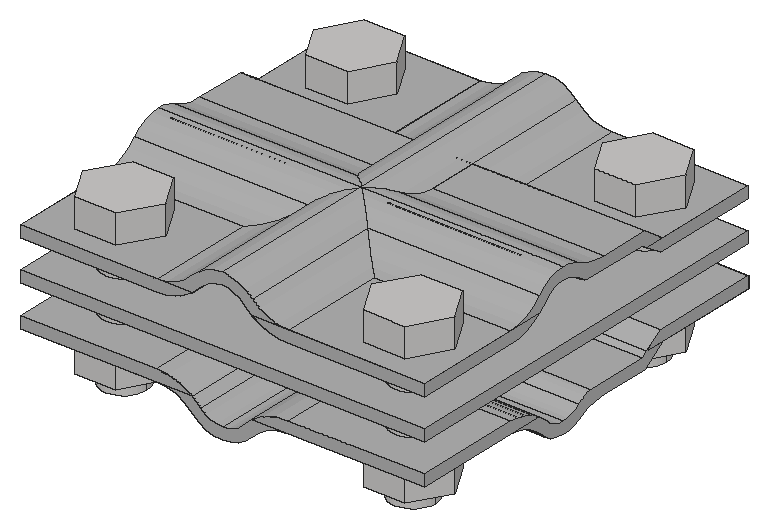
Revit family "DF_ЗажимЗаземлпения_Полоса_Полоса_90530-2_90540-2_EZETEK", category Соединительные детали воздуховодов, Revit 2017
Family settings
  Размер круглого соединителя = Использовать радиус
  Тип детали = Крестовина
  На основе рабочей плоскости = Нет
  Всегда вертикально = Да
  При загрузке вырезать с полостями = Нет
  Общий = Нет
Parameters (values of type "ЗажимЗаземлпения_Полоса-Пруток_Полоса-Пруток_Оцинкованный_90540-2")
  Угол = 90.00°  # constant formula
  Тип = FA_ЗажимЗаземлпения_Полоса-Пруток_Полоса-Пруток_90530-2_90540-2_EZETEK : ЗажимЗаземлпения_Полоса-Пруток_Полоса-Пруток_Оцинкованный_90540-2
  Описание = "Зажим выполнен из оцинкованной стали и используется для соединения прутка и полосы, прутка с прутком, полосы с полосой Т-образным либо параллельным способом. Зажим стягивается при помощи четырех шестигранных болтов с гайками с резьбой М8."
  Производитель_Контакты = "ezetek@ezetek.ru"  # constant formula
  built-in parameter 1114242 [instance] = 1 = 0  # (empty or 0)
  Изготовитель = "Ezetek"  # constant formula
  Группа модели = "Зажимы заземления"  # constant formula
  URL = "https://ezetek.ru/"
  R4 [instance] = 5 mm
  R3 [instance] = 5 mm
  R2 [instance] = 5 mm
  R1 [instance] = 5 mm
  Высота2 [instance] = 4 mm
  Ширина2 [instance] = 25 mm
  Ширина1 [instance] = 25 mm
  ADSK_Этаж [instance] = ""
  ADSK_Размер_Ширина [instance] = Ширина1  # 25 mm
  ADSK_Размер_Радиус [instance] = R1  # 5 mm
  ADSK_Размер_Высота [instance] = Высота1  # 4 mm
  ADSK_Примечание [instance] = "Неспецифицируемое"  # constant formula
  ADSK_Позиция [instance] = "Неспецифицируемое"  # constant formula
  ADSK_Обозначение = "Неспецифицируемое"  # constant formula
  ADSK_Наименование краткое [instance] = "Неспецифицируемое"  # constant formula
  ADSK_Наименование = "Неспецифицируемое"  # constant formula
  ADSK_Материал = BIMLIB_Сталь_Оцинкованная_EZETEK
  ADSK_Масса_Текст = "Неспецифицируемое"  # constant formula
  ADSK_Масса = 0  # constant formula
  ADSK_Марка = "Неспецифицируемое"  # constant formula
  ADSK_Количество = 0  # constant formula
  ADSK_Код изделия = "Неспецифицируемое"  # constant formula
  ADSK_Завод-изготовитель = "Неспецифицируемое"  # constant formula
  ADSK_Единица измерения = "Неспецифицируемое"  # constant formula
  ADSK_Группирование [instance] = ""
  ADSK_Версия Revit = "2017"  # constant formula
  Высота1 [instance] = 4 mm
Types (2, lengths in mm): name | Тип | Описание | ADSK_Материал
  ЗажимЗаземлпения_Полоса-Пруток_Полоса-Пруток_Оцинкованный_90540-2 | FA_ЗажимЗаземлпения_Полоса-Пруток_Полоса-Пруток_90530-2_90540-2_EZETEK : ЗажимЗаземлпения_Полоса-Пруток_Полоса-Пруток_Оцинкованный_90540-2 | "Зажим выполнен из оцинкованной стали и используется для соединения прутка и полосы, прутка с прутком, полосы с полосой Т-образным либо параллельным способом. Зажим стягивается при помощи четырех шестигранных болтов с гайками с резьбой М8." | BIMLIB_Сталь_Оцинкованная_EZETEK
  ЗажимЗаземлпения_Полоса-Пруток_Полоса-Пруток_Латунь_90530-2 | FA_ЗажимЗаземлпения_Полоса-Пруток_Полоса-Пруток_90530-2_90540-2_EZETEK : ЗажимЗаземлпения_Полоса-Пруток_Полоса-Пруток_Латунь_90530-2 | "Зажим выполнен из латуни и используется для соединения прутка и полосы, прутка с прутком, полосы с полосой Т-образным либо параллельным способом. Зажим стягивается при помощи четырех шестигранных болтов с гайками с резьбой М8 из нержавеющей стали. Наличие разделительной пластины позволяет соединять при помощи зажима коррозионно несовместимые металлы – медь и сталь." | BIMLIB_Латунь_EZETEK
Reference planes
  plane 1 "По центру (Вперед/Назад)": y = 0
  plane 2: z = 0
  plane 3 "По центру (Влево/Вправо)": x = 0
  plane 4 "Н_С": z = -5
  plane 5: x = -1
  plane 6: x = 1
  plane 7: y = 1
  plane 8: y = -1
  plane 9 "В_С": z = 5
  plane 10 "В_Л": z = 5
  plane 11 "Н_Л": z = -5
Lines and regions (mm)
  reference lines
    curve 1: line (-1, 0, 5) -> (1, 0, 5)
    curve 2: line (0, -1, 5) -> (0, 1, 5)
    curve 3: line (-1, 0, -5) -> (1, 0, -5)
    curve 4: line (0, -1, -5) -> (0, 1, -5)
Dimensions and locks
  locked: plane 5 to plane 3 "По центру (Влево/Вправо)" at 1
  locked: plane 3 "По центру (Влево/Вправо)" to plane 6 at 1
  locked: plane 1 "По центру (Вперед/Назад)" to plane 7 at 1
  locked: plane 1 "По центру (Вперед/Назад)" to plane 8 at 1
  locked: plane 2 to plane 9 "В_С" at 5
  locked: plane 11 "Н_Л" to plane 2 at 5
  locked: plane 10 "В_Л" to plane 2 at 5
  locked: plane 2 to plane 4 "Н_С" at 5
  aligned and locked: level to plane 2
Nested families
  nested 1: "FA_ЗажимЗаземлпения_Полоса-Пруток_Полоса-Пруток_90530-2_90540-2_EZETEK" at (0, 0, 0) x (-1, 0, 0) z (0, 0, 1), type <- "Тип", ADSK_Этаж <- "ADSK_Этаж", ADSK_Группирование <- "ADSK_Группирование", type "ЗажимЗаземлпения_Полоса-Пруток_Полоса-Пруток_Оцинкованный_90540-2", detail levels fine
    with ADSK_Этаж "", ADSK_Примечание "", ADSK_Позиция "", ADSK_Наименование краткое "Зажим заземления", ADSK_Группирование ""
Connectors
  hvac at (0, 1, -5), driven by "R2"
    settings: on curve 4, index 1, duct flow 0.0 L/s, flow factor 0, pres drop 0.0 Pa, loss coef 0, conn angle 0.00°, conn width 304.8 mm, conn height 5 mm, conn diameter 10 mm, duct sys type 1, conn prof type 0, flow config 0, flow direction 0, loss method 0, conn ref index 2, conn util no, is conn primary yes, conn desc ""
  hvac at (0, -1, -5), driven by "R2"
    settings: on curve 4, index 2, duct flow 0.0 L/s, flow factor 0, pres drop 0.0 Pa, loss coef 0, conn angle 0.00°, conn width 304.8 mm, conn height 5 mm, conn diameter 10 mm, duct sys type 1, conn prof type 0, flow config 0, flow direction 0, loss method 0, conn ref index 1, conn util no, is conn primary no, conn desc ""
  hvac at (0, -1, 5), driven by "R1"
    settings: on curve 2, index 3, duct flow 0.0 L/s, flow factor 0, pres drop 0.0 Pa, loss coef 0, conn angle 0.00°, conn width 304.8 mm, conn height 304.8 mm, conn diameter 10 mm, duct sys type 1, conn prof type 0, flow config 0, flow direction 0, loss method 0, conn ref index 4, conn util no, is conn primary no, conn desc ""
  hvac at (0, 1, 5), driven by "R1"
    settings: on curve 2, index 4, duct flow 0.0 L/s, flow factor 0, pres drop 0.0 Pa, loss coef 0, conn angle 0.00°, conn width 304.8 mm, conn height 304.8 mm, conn diameter 10 mm, duct sys type 1, conn prof type 0, flow config 0, flow direction 0, loss method 0, conn ref index 3, conn util no, is conn primary no, conn desc ""
  hvac at (1, 0, 5), driven by "Высота1", driven by "Ширина1"
    settings: on curve 1, index 5, duct flow 0.0 L/s, flow factor 0, pres drop 0.0 Pa, loss coef 0, conn angle 0.00°, conn width 25 mm, conn height 4 mm, conn diameter 609.6 mm, duct sys type 1, conn prof type 1, flow config 0, flow direction 0, loss method 0, conn ref index 6, conn util no, is conn primary no, conn desc ""
  hvac at (-1, 0, 5), driven by "Высота1", driven by "Ширина1"
    settings: on curve 1, index 6, duct flow 0.0 L/s, flow factor 0, pres drop 0.0 Pa, loss coef 0, conn angle 0.00°, conn width 25 mm, conn height 4 mm, conn diameter 609.6 mm, duct sys type 1, conn prof type 1, flow config 0, flow direction 0, loss method 0, conn ref index 5, conn util no, is conn primary no, conn desc ""
  hvac at (-1, 0, -5), driven by "Высота2", driven by "Ширина2"
    settings: on curve 3, index 7, duct flow 0.0 L/s, flow factor 0, pres drop 0.0 Pa, loss coef 0, conn angle 0.00°, conn width 25 mm, conn height 4 mm, conn diameter 609.6 mm, duct sys type 1, conn prof type 1, flow config 0, flow direction 0, loss method 0, conn ref index 8, conn util no, is conn primary no, conn desc ""
  hvac at (1, 0, -5), driven by "Высота2", driven by "Ширина2"
    settings: on curve 3, index 8, duct flow 0.0 L/s, flow factor 0, pres drop 0.0 Pa, loss coef 0, conn angle 0.00°, conn width 25 mm, conn height 4 mm, conn diameter 609.6 mm, duct sys type 1, conn prof type 1, flow config 0, flow direction 0, loss method 0, conn ref index 7, conn util no, is conn primary no, conn desc ""
Definition of nested family "FA_ЗажимЗаземлпения_Полоса-Пруток_Полоса-Пруток_90530-2_90540-2_EZETEK"
  Parameters (values of type "ЗажимЗаземлпения_Полоса-Пруток_Полоса-Пруток_Латунь_90530-2")
    Угол = 90.00°  # constant formula
    Производитель_Контакты = "ezetek@ezetek.ru"  # constant formula
    Description = "Зажим выполнен из латуни и используется для соединения прутка и полосы, прутка с прутком, полосы с полосой Т-образным либо параллельным способом. Зажим стягивается при помощи четырех шестигранных болтов с гайками с резьбой М8 из нержавеющей стали. Наличие разделительной пластины позволяет соединять при помощи зажима коррозионно несовместимые металлы – медь и сталь."
    Manufacturer = "Ezetek"  # constant formula
    Model = "Зажимы заземления"  # constant formula
    URL = "https://ezetek.ru/"
    ADSK_Этаж [instance] = ""
    ADSK_Примечание [instance] = ""
    ADSK_Позиция [instance] = ""
    ADSK_Обозначение = "90530-2"
    ADSK_Наименование краткое [instance] = "Зажим заземления"
    ADSK_Наименование = "Зажим заземления полоса/пруток — полоса/пруток крестообразный, латунь"
    ADSK_Материал = none
    ADSK_Масса_Текст = "0.317"
    ADSK_Масса = 0.317
    ADSK_Марка = "90530-2"
    ADSK_Количество = 1  # constant formula
    ADSK_Код изделия = "90530-2"
    ADSK_Завод-изготовитель = "Ezetek"  # constant formula
    ADSK_Единица измерения = "шт."  # constant formula
    ADSK_Группирование [instance] = ""
    ADSK_Версия Revit = "2017"  # constant formula
  Types (2, lengths in mm): name | Description | ADSK_Обозначение | ADSK_Наименование | ADSK_Масса_Текст | ADSK_Масса | ADSK_Марка | ADSK_Код изделия
    ЗажимЗаземлпения_Полоса-Пруток_Полоса-Пруток_Латунь_90530-2 | "Зажим выполнен из латуни и используется для соединения прутка и полосы, прутка с прутком, полосы с полосой Т-образным либо параллельным способом. Зажим стягивается при помощи четырех шестигранных болтов с гайками с резьбой М8 из нержавеющей стали. Наличие разделительной пластины позволяет соединять при помощи зажима коррозионно несовместимые металлы – медь и сталь." | "90530-2" | "Зажим заземления полоса/пруток — полоса/пруток крестообразный, латунь" | "0.317" | 0.317 | "90530-2" | "90530-2"
    ЗажимЗаземлпения_Полоса-Пруток_Полоса-Пруток_Оцинкованный_90540-2 | "Зажим выполнен из оцинкованной стали и используется для соединения прутка и полосы, прутка с прутком, полосы с полосой Т-образным либо параллельным способом. Зажим стягивается при помощи четырех шестигранных болтов с гайками с резьбой М8." | "90540-2" | "Зажим заземления полоса/пруток — полоса/пруток крестообразный, оцинк." | "0.31" | 0.31 | "90540-2" | "90540-2"
  Reference planes
    plane 1 "По центру (Вперед/Назад)": y = 0
    plane 2: z = 0
    plane 3 "По центру (Влево/Вправо)": x = 0
    plane 4: z = 1
    plane 5: z = -1
    plane 6: z = 8
    plane 7 "Up": z = 6
    plane 8: z = -6
    plane 9: z = -8
    plane 10: z = 13
    plane 11: z = -14.4
    plane 12: z = -17.11
    plane 13: z = 7
    plane 14: z = -7
    plane 15 "M": y = 0
    plane 16 "U": z = 9.5
    plane 17 "L": z = -9.5
    plane 18: z = -9.5
    plane 19: x = 0
    plane 20: x = -35
    plane 21: y = 35
    plane 22: y = -35
    plane 23: x = 35
  Forms (mm)
    Extrusion 1, solid, material <- "ADSK_Материал", detail levels fine
      sketch origin (0, 0, 0) x (1, 0, 0) y (0, 1, 0)
        loop
          line (-35, 35) -> (-35, -35) -> (35, -35) -> (35, 35) -> (-35, 35)
      from 1 to -1
    Blend 2, solid, material <- "ADSK_Материал", detail levels fine
      base sketch origin (0, 0, 0) x (1, 0, 0) y (0, 0, 1)
        loop
          line (-35, 8) -> (-35, 6) -> (-11.375, 6)
          arc (-11.375, 6) -> (-7.174, 6.882) -> (-3.684, 9.381) r 10.439
          arc (-3.684, 9.381) -> (-2.012, 10.577) -> (0, 11) r 5
          arc (0, 11) -> (2.012, 10.577) -> (3.684, 9.381) r 5
          arc (3.684, 9.381) -> (7.174, 6.882) -> (11.375, 6) r 10.439
          line (11.375, 6) -> (35, 6) -> (35, 8) -> (11.386, 8)
          arc (11.386, 8) -> (7.983, 8.714) -> (5.154, 10.737) r 8.465
          arc (5.154, 10.737) -> (2.814, 12.409) -> (0, 13) r 7
          arc (0, 13) -> (-2.814, 12.409) -> (-5.154, 10.737) r 7
          arc (-5.154, 10.737) -> (-7.983, 8.714) -> (-11.386, 8) r 8.465
          line (-11.386, 8) -> (-35, 8)
      top sketch origin (0, 0, 0) x (1, 0, 0) y (0, 0, 1)
        loop
          arc (0, 11) -> (2.012, 10.577) -> (3.684, 9.381) r 5
          arc (3.684, 9.381) -> (7.174, 6.882) -> (11.375, 6) r 10.439
          line (11.375, 6) -> (35, 6) -> (35, 8) -> (11.386, 8)
          arc (11.386, 8) -> (7.983, 8.714) -> (5.154, 10.737) r 8.465
          arc (5.154, 10.737) -> (2.814, 12.409) -> (0, 13) r 7
          arc (0, 13) -> (-2.814, 12.409) -> (-5.154, 10.737) r 7
          arc (-5.154, 10.737) -> (-7.983, 8.714) -> (-11.386, 8) r 8.465
          line (-11.386, 8) -> (-35, 8) -> (-35, 6) -> (-11.375, 6)
          arc (-11.375, 6) -> (-7.174, 6.882) -> (-3.684, 9.381) r 10.439
          arc (-3.684, 9.381) -> (-2.012, 10.577) -> (0, 11) r 5
      from 35 to -35
    Extrusion 3, solid, detail levels fine
      sketch origin (11, -25, 0) x (1, 0, 0) y (0, 1, 0)
        loop
          line (-39.603, 6.24) -> (-43.205, 0) -> (-39.603, -6.24) -> (-32.397, -6.24) -> (-28.795, 0) -> (-32.397, 6.24) -> (-39.603, 6.24)
      from 13 to 8
    Extrusion 4, solid, detail levels fine
      sketch origin (11, -25, 0) x (1, 0, 0) y (0, 1, 0)
        loop
          line (-39.603, 6.24) -> (-43.205, 0) -> (-39.603, -6.24) -> (-32.397, -6.24) -> (-28.795, 0) -> (-32.397, 6.24) -> (-39.603, 6.24)
      from -8 to -14.4
    Extrusion 5, solid, detail levels fine
      sketch origin (11, -25, 0) x (1, 0, 0) y (0, 1, 0)
        loop
          circle (-36, 0) r 3.9
      from 8 to -17.11
    Extrusion 6, solid, detail levels fine
      sketch origin (-11, -25, 0) x (-1, 0, 0) y (0, -1, 0)
        loop
          line (-39.603, -6.24) -> (-32.397, -6.24) -> (-28.795, 0) -> (-32.397, 6.24) -> (-39.603, 6.24) -> (-43.205, 0) -> (-39.603, -6.24)
      from 13 to 8
    Extrusion 7, solid, detail levels fine
      sketch origin (-11, -25, 0) x (-1, 0, 0) y (0, -1, 0)
        loop
          line (-39.603, -6.24) -> (-32.397, -6.24) -> (-28.795, 0) -> (-32.397, 6.24) -> (-39.603, 6.24) -> (-43.205, 0) -> (-39.603, -6.24)
      from -8 to -14.4
    Extrusion 8, solid, detail levels fine
      sketch origin (-11, -25, 0) x (-1, 0, 0) y (0, -1, 0)
        loop
          circle (-36, 0) r 3.9
      from 8 to -17.11
    Extrusion 9, solid, detail levels fine
      sketch origin (11, 25, 0) x (1, 0, 0) y (0, 1, 0)
        loop
          line (-39.603, -6.24) -> (-32.397, -6.24) -> (-28.795, 0) -> (-32.397, 6.24) -> (-39.603, 6.24) -> (-43.205, 0) -> (-39.603, -6.24)
      from 13 to 8
    Extrusion 10, solid, detail levels fine
      sketch origin (11, 25, 0) x (1, 0, 0) y (0, 1, 0)
        loop
          circle (-36, 0) r 3.9
      from 8 to -17.11
    Extrusion 11, solid, detail levels fine
      sketch origin (-11, 25, 0) x (-1, 0, 0) y (0, -1, 0)
        loop
          line (-39.603, 6.24) -> (-43.205, 0) -> (-39.603, -6.24) -> (-32.397, -6.24) -> (-28.795, 0) -> (-32.397, 6.24) -> (-39.603, 6.24)
      from 13 to 8
    Extrusion 12, solid, detail levels fine
      sketch origin (-11, 25, 0) x (-1, 0, 0) y (0, -1, 0)
        loop
          circle (-36, 0) r 3.9
      from 8 to -17.11
    Blend 13, solid, material <- "ADSK_Материал", detail levels fine
      base sketch origin (0, 0, 0) x (1, 0, 0) y (0, 0, 1)
        loop
          line (-35, -8) -> (-11.386, -8)
          arc (-11.386, -8) -> (-7.983, -8.714) -> (-5.154, -10.737) r 8.465
          arc (-5.154, -10.737) -> (-2.814, -12.409) -> (0, -13) r 7
          arc (0, -13) -> (2.814, -12.409) -> (5.154, -10.737) r 7
          arc (5.154, -10.737) -> (7.983, -8.714) -> (11.386, -8) r 8.465
          line (11.386, -8) -> (35, -8) -> (35, -6) -> (11.375, -6)
          arc (11.375, -6) -> (7.174, -6.882) -> (3.684, -9.381) r 10.439
          arc (3.684, -9.381) -> (2.012, -10.577) -> (0, -11) r 5
          arc (0, -11) -> (-2.012, -10.577) -> (-3.684, -9.381) r 5
          arc (-3.684, -9.381) -> (-7.174, -6.882) -> (-11.375, -6) r 10.439
          line (-11.375, -6) -> (-35, -6) -> (-35, -8)
      top sketch origin (0, 0, 0) x (1, 0, 0) y (0, 0, 1)
        loop
          arc (0, -11) -> (-2.012, -10.577) -> (-3.684, -9.381) r 5
          arc (-3.684, -9.381) -> (-7.174, -6.882) -> (-11.375, -6) r 10.439
          line (-11.375, -6) -> (-35, -6) -> (-35, -8) -> (-11.386, -8)
          arc (-11.386, -8) -> (-7.983, -8.714) -> (-5.154, -10.737) r 8.465
          arc (-5.154, -10.737) -> (-2.814, -12.409) -> (0, -13) r 7
          arc (0, -13) -> (2.814, -12.409) -> (5.154, -10.737) r 7
          arc (5.154, -10.737) -> (7.983, -8.714) -> (11.386, -8) r 8.465
          line (11.386, -8) -> (35, -8) -> (35, -6) -> (11.375, -6)
          arc (11.375, -6) -> (7.174, -6.882) -> (3.684, -9.381) r 10.439
          arc (3.684, -9.381) -> (2.012, -10.577) -> (0, -11) r 5
      from 35 to -35
    Extrusion 14, solid, detail levels fine
      sketch origin (11, 25, 0) x (1, 0, 0) y (0, 1, 0)
        loop
          line (-39.603, -6.24) -> (-32.397, -6.24) -> (-28.795, 0) -> (-32.397, 6.24) -> (-39.603, 6.24) -> (-43.205, 0) -> (-39.603, -6.24)
      from -8 to -14.4
    Extrusion 15, solid, detail levels fine
      sketch origin (-11, 25, 0) x (-1, 0, 0) y (0, -1, 0)
        loop
          line (-39.603, 6.24) -> (-43.205, 0) -> (-39.603, -6.24) -> (-32.397, -6.24) -> (-28.795, 0) -> (-32.397, 6.24) -> (-39.603, 6.24)
      from -8 to -14.4
    Blend 16, solid, material <- "ADSK_Материал", detail levels fine
      base sketch origin (0, 0, 0) x (0, -1, 0) y (0, 0, 1)
        loop
          line (-35, 8) -> (-35, 6) -> (-16.375, 6)
          arc (-16.375, 6) -> (-12.174, 6.882) -> (-8.684, 9.381) r 10.439
          arc (-8.684, 9.381) -> (-7.012, 10.577) -> (-5, 11) r 5
          arc (-5, 11) -> (-3.233, 10.677) -> (-1.694, 9.751) r 5
          arc (-1.694, 9.751) -> (-0.444, 8.999) -> (0.991, 8.737) r 4.061
          line (0.991, 8.737) -> (12.091, 8.737) -> (16, 6) -> (35, 6) -> (35, 8) -> (16.578, 8) -> (12.669, 10.737) -> (3.941, 10.737)
          arc (3.941, 10.737) -> (1.047, 11.097) -> (-1.67, 12.157) r 11.792
          arc (-1.67, 12.157) -> (-3.282, 12.786) -> (-5, 13) r 7
          arc (-5, 13) -> (-7.814, 12.409) -> (-10.154, 10.737) r 7
          arc (-10.154, 10.737) -> (-12.983, 8.714) -> (-16.386, 8) r 8.465
          line (-16.386, 8) -> (-35, 8)
      top sketch origin (0, 0, 0) x (0, -1, 0) y (0, 0, 1)
        loop
          arc (-10.154, 10.737) -> (-12.983, 8.714) -> (-16.386, 8) r 8.465
          line (-16.386, 8) -> (-35, 8) -> (-35, 6) -> (-16.375, 6)
          arc (-16.375, 6) -> (-12.174, 6.882) -> (-8.684, 9.381) r 10.439
          arc (-8.684, 9.381) -> (-7.012, 10.577) -> (-5, 11) r 5
          arc (-5, 11) -> (-3.233, 10.677) -> (-1.694, 9.751) r 5
          arc (-1.694, 9.751) -> (-0.444, 8.999) -> (0.991, 8.737) r 4.061
          line (0.991, 8.737) -> (12.091, 8.737) -> (16, 6) -> (35, 6) -> (35, 8) -> (16.578, 8) -> (12.669, 10.737) -> (3.941, 10.737)
          arc (3.941, 10.737) -> (1.047, 11.097) -> (-1.67, 12.157) r 11.792
          arc (-1.67, 12.157) -> (-3.282, 12.786) -> (-5, 13) r 7
          arc (-5, 13) -> (-7.814, 12.409) -> (-10.154, 10.737) r 7
      from 35 to -35
    Blend 17, solid, material <- "ADSK_Материал", detail levels fine
      base sketch origin (0, 0, 0) x (1, 0, 0) y (0, 0, 1)
        loop
          line (-35, -8) -> (-11.386, -8)
          arc (-11.386, -8) -> (-7.983, -8.714) -> (-5.154, -10.737) r 8.465
          arc (-5.154, -10.737) -> (-2.814, -12.409) -> (0, -13) r 7
          arc (0, -13) -> (2.814, -12.409) -> (5.154, -10.737) r 7
          arc (5.154, -10.737) -> (7.983, -8.714) -> (11.386, -8) r 8.465
          line (11.386, -8) -> (35, -8) -> (35, -6) -> (11.375, -6)
          arc (11.375, -6) -> (7.174, -6.882) -> (3.684, -9.381) r 10.439
          arc (3.684, -9.381) -> (2.012, -10.577) -> (0, -11) r 5
          arc (0, -11) -> (-2.012, -10.577) -> (-3.684, -9.381) r 5
          arc (-3.684, -9.381) -> (-7.174, -6.882) -> (-11.375, -6) r 10.439
          line (-11.375, -6) -> (-35, -6) -> (-35, -8)
      top sketch origin (0, 0, 0) x (1, 0, 0) y (0, 0, 1)
        loop
          arc (0, -11) -> (-2.012, -10.577) -> (-3.684, -9.381) r 5
          arc (-3.684, -9.381) -> (-7.174, -6.882) -> (-11.375, -6) r 10.439
          line (-11.375, -6) -> (-35, -6) -> (-35, -8) -> (-11.386, -8)
          arc (-11.386, -8) -> (-7.983, -8.714) -> (-5.154, -10.737) r 8.465
          arc (-5.154, -10.737) -> (-2.814, -12.409) -> (0, -13) r 7
          arc (0, -13) -> (2.814, -12.409) -> (5.154, -10.737) r 7
          arc (5.154, -10.737) -> (7.983, -8.714) -> (11.386, -8) r 8.465
          line (11.386, -8) -> (35, -8) -> (35, -6) -> (11.375, -6)
          arc (11.375, -6) -> (7.174, -6.882) -> (3.684, -9.381) r 10.439
          arc (3.684, -9.381) -> (2.012, -10.577) -> (0, -11) r 5
      from 35 to -35
    Blend 18, solid, material <- "ADSK_Материал", detail levels fine
      base sketch origin (0, 0, 0) x (0, -1, 0) y (0, 0, 1)
        loop
          line (-35, -8) -> (-16.386, -8)
          arc (-16.386, -8) -> (-12.983, -8.714) -> (-10.154, -10.737) r 8.465
          arc (-10.154, -10.737) -> (-7.814, -12.409) -> (-5, -13) r 7
          arc (-5, -13) -> (-3.282, -12.786) -> (-1.67, -12.157) r 7
          arc (-1.67, -12.157) -> (1.047, -11.097) -> (3.941, -10.737) r 11.792
          line (3.941, -10.737) -> (12.669, -10.737) -> (16.578, -8) -> (35, -8) -> (35, -6) -> (16, -6) -> (12.091, -8.737) -> (0.991, -8.737)
          arc (0.991, -8.737) -> (-0.444, -8.999) -> (-1.694, -9.751) r 4.061
          arc (-1.694, -9.751) -> (-3.233, -10.677) -> (-5, -11) r 5
          arc (-5, -11) -> (-7.012, -10.577) -> (-8.684, -9.381) r 5
          arc (-8.684, -9.381) -> (-12.174, -6.882) -> (-16.375, -6) r 10.439
          line (-16.375, -6) -> (-35, -6) -> (-35, -8)
      top sketch origin (0, 0, 0) x (0, -1, 0) y (0, 0, 1)
        loop
          arc (-10.154, -10.737) -> (-7.814, -12.409) -> (-5, -13) r 7
          arc (-5, -13) -> (-3.282, -12.786) -> (-1.67, -12.157) r 7
          arc (-1.67, -12.157) -> (1.047, -11.097) -> (3.941, -10.737) r 11.792
          line (3.941, -10.737) -> (12.669, -10.737) -> (16.578, -8) -> (35, -8) -> (35, -6) -> (16, -6) -> (12.091, -8.737) -> (0.991, -8.737)
          arc (0.991, -8.737) -> (-0.444, -8.999) -> (-1.694, -9.751) r 4.061
          arc (-1.694, -9.751) -> (-3.233, -10.677) -> (-5, -11) r 5
          arc (-5, -11) -> (-7.012, -10.577) -> (-8.684, -9.381) r 5
          arc (-8.684, -9.381) -> (-12.174, -6.882) -> (-16.375, -6) r 10.439
          line (-16.375, -6) -> (-35, -6) -> (-35, -8) -> (-16.386, -8)
          arc (-16.386, -8) -> (-12.983, -8.714) -> (-10.154, -10.737) r 8.465
      from 35 to -35
    Extrusion 19, void
      sketch origin (0, 0, 0) x (1, 0, 0) y (0, 0, 1)
        loop
          arc (0, 11) -> (-2.012, 10.577) -> (-3.684, 9.381) r 5
          arc (-3.684, 9.381) -> (-7.174, 6.882) -> (-11.375, 6) r 10.439
          line (-11.375, 6) -> (11.375, 6)
          arc (11.375, 6) -> (7.174, 6.882) -> (3.684, 9.381) r 10.439
          arc (3.684, 9.381) -> (2.012, 10.577) -> (0, 11) r 5
      from -2.664 to -35
    Extrusion 20, void
      sketch origin (0, 0, 0) x (1, 0, 0) y (0, 0, 1)
        loop
          arc (-11.375, -6) -> (-7.174, -6.882) -> (-3.684, -9.381) r 10.439
          arc (-3.684, -9.381) -> (-2.012, -10.577) -> (0, -11) r 5
          arc (0, -11) -> (2.012, -10.577) -> (3.684, -9.381) r 5
          arc (3.684, -9.381) -> (7.174, -6.882) -> (11.375, -6) r 10.439
          line (11.375, -6) -> (-11.375, -6)
      from 0 to -35
    Extrusion 21, void
      sketch origin (0, 0, 0) x (1, 0, 0) y (0, 0, -1)
        loop
          arc (0, -11) -> (2.012, -10.577) -> (3.684, -9.381) r 5
          arc (3.684, -9.381) -> (7.174, -6.882) -> (11.375, -6) r 10.439
          line (11.375, -6) -> (-11.375, -6)
          arc (-11.375, -6) -> (-7.174, -6.882) -> (-3.684, -9.381) r 10.439
          arc (-3.684, -9.381) -> (-2.012, -10.577) -> (0, -11) r 5
      from 2.664 to -35
    Extrusion 22, void
      sketch origin (0, 0, 0) x (1, 0, 0) y (0, 0, -1)
        loop
          line (-11.375, 6) -> (11.375, 6)
          arc (11.375, 6) -> (7.174, 6.882) -> (3.684, 9.381) r 10.439
          arc (3.684, 9.381) -> (2.012, 10.577) -> (0, 11) r 5
          arc (0, 11) -> (-2.012, 10.577) -> (-3.684, 9.381) r 5
          arc (-3.684, 9.381) -> (-7.174, 6.882) -> (-11.375, 6) r 10.439
      from 0 to -35
    Extrusion 23, void
      sketch origin (0, 0, 0) x (0, 1, 0) y (0, 0, 1)
        loop
          line (10.23, 8) -> (-13.144, 8) -> (-16, 6) -> (16.375, 6)
          arc (16.375, 6) -> (13.144, 6.513) -> (10.23, 8) r 10.439
      from 35 to -35
    Extrusion 24, void
      sketch origin (0, 0, 0) x (0, 1, 0) y (0, 0, 1)
        loop
          line (16.375, -6) -> (-16, -6) -> (-13.144, -8) -> (10.23, -8)
          arc (10.23, -8) -> (13.144, -6.513) -> (16.375, -6) r 10.439
      from 35 to -35
  Cuts and joins
    Extrusion 19, Extrusion 21, Extrusion 23 cuts Blend 16
    Extrusion 20, Extrusion 22, Extrusion 24 cuts Blend 17
    Extrusion 20, Extrusion 22, Extrusion 24 cuts Blend 13
    Extrusion 19, Extrusion 21, Extrusion 23 cuts Blend 2
    Extrusion 20, Extrusion 22, Extrusion 24 cuts Blend 18
  Dimensions and locks
    locked: plane 2 to plane 5 at 1
    locked: plane 4 to plane 2 at 1
    plane 4 to plane 5 = 2 mm
    locked: plane 6 to plane 7 "Up" at 2
    locked: plane 8 to plane 9 at 2
    locked: plane 10 to plane 6 at 5
    locked: plane 7 "Up" to plane 4 at 5
    locked: plane 5 to plane 8 at 5
    locked: plane 9 to plane 11 at 6.4
    locked: plane 11 to plane 12 at 2.71
    equal spacing: plane 6, plane 13, plane 7 "Up"
    equal spacing: plane 8, plane 14, plane 9
    plane 20 to plane 3 "По центру (Влево/Вправо)" = 35 mm
    locked: plane 15 "M" to plane 21 at 35
    locked: plane 1 "По центру (Вперед/Назад)" to plane 22 at 35
    plane 23 to plane 3 "По центру (Влево/Вправо)" = 35 mm
    aligned and locked: level to plane 2
    aligned and locked: Extrusion 1 sketch curve to plane 20
    aligned and locked: plane 21 to Blend 2
    aligned and locked: plane 22 to Blend 2
    aligned and locked: plane 21 to Extrusion 1
    aligned and locked: plane 22 to Extrusion 1
    aligned and locked: Extrusion 1 to Extrusion 20
    aligned and locked: Extrusion 22 to Extrusion 1
    aligned and locked: Extrusion 1 to Extrusion 23  (x2)
  Automatic sketch dimensions
    plane 22 to Extrusion 1 sketch curve = 0 mm
    Extrusion 1 sketch curve to plane 23 = 0 mm
    Extrusion 1 sketch curve to plane 21 = 0 mm
    Blend 2 sketch curve to Blend 2 sketch curve = 0 mm  (x26)
    Blend 2 sketch curve to plane 7 "Up" = 0 mm  (x6)
    plane 20 to Blend 2 sketch curve = 0 mm  (x2)
    Blend 2 sketch curve to plane 6 = 0 mm  (x4)
    Blend 2 sketch curve to plane 3 "По центру (Влево/Вправо)" = 0 mm  (x2)
    Blend 2 sketch curve to plane 23 = 0 mm  (x2)
    Blend 2 sketch curve to plane 10 = 0 mm  (x2)
    Blend 2 sketch curve to plane 3 "По центру (Влево/Вправо)" = 11.386 mm  (x2)
    Blend 2 sketch curve to Blend 2 sketch curve = 0.011 mm  (x4)
    plane 10 to Blend 2 sketch curve = 3.439 mm  (x4)
    plane 3 "По центру (Влево/Вправо)" to Blend 2 sketch curve = 11.375 mm  (x2)
    Blend 2 sketch curve to Blend 2 sketch curve = 0.026 mm  (x4)
    Extrusion 3 sketch curve to plane 20 = 2.795 mm
    Extrusion 3 sketch curve to plane 20 = 6.397 mm  (x2)
    Extrusion 3 sketch curve to plane 22 = 3.76 mm
    Extrusion 3 sketch curve to Extrusion 3 sketch curve = 7.205 mm  (x2)
    Extrusion 3 sketch curve to Extrusion 3 sketch curve = 3.603 mm
    Extrusion 3 sketch curve to Extrusion 3 sketch curve = 6.24 mm  (x3)
    Extrusion 4 sketch curve to plane 20 = 2.795 mm
    Extrusion 4 sketch curve to plane 20 = 6.397 mm  (x2)
    Extrusion 4 sketch curve to plane 22 = 3.76 mm
    Extrusion 4 sketch curve to Extrusion 4 sketch curve = 7.205 mm  (x2)
    Extrusion 4 sketch curve to Extrusion 4 sketch curve = 3.603 mm
    Extrusion 4 sketch curve to Extrusion 4 sketch curve = 6.24 mm  (x3)
    Extrusion 5 sketch curve to plane 20 = 10 mm
    Extrusion 5 sketch curve to plane 22 = 10 mm
    plane 23 to Extrusion 6 sketch curve = 2.795 mm
    plane 23 to Extrusion 6 sketch curve = 6.397 mm  (x2)
    plane 22 to Extrusion 6 sketch curve = 3.76 mm
    Extrusion 6 sketch curve to Extrusion 6 sketch curve = 7.205 mm  (x2)
    Extrusion 6 sketch curve to Extrusion 6 sketch curve = 3.603 mm
    Extrusion 6 sketch curve to Extrusion 6 sketch curve = 6.24 mm  (x3)
    plane 23 to Extrusion 7 sketch curve = 2.795 mm
    plane 23 to Extrusion 7 sketch curve = 6.397 mm  (x2)
    plane 22 to Extrusion 7 sketch curve = 3.76 mm
    Extrusion 7 sketch curve to Extrusion 7 sketch curve = 7.205 mm  (x2)
    Extrusion 7 sketch curve to Extrusion 7 sketch curve = 3.603 mm
    Extrusion 7 sketch curve to Extrusion 7 sketch curve = 6.24 mm  (x3)
    plane 23 to Extrusion 8 sketch curve = 10 mm
    plane 22 to Extrusion 8 sketch curve = 10 mm
    plane 20 to Extrusion 9 sketch curve = 2.795 mm
    plane 20 to Extrusion 9 sketch curve = 6.397 mm  (x2)
    plane 21 to Extrusion 9 sketch curve = 3.76 mm
    Extrusion 9 sketch curve to Extrusion 9 sketch curve = 7.205 mm  (x2)
    Extrusion 9 sketch curve to Extrusion 9 sketch curve = 3.603 mm
    Extrusion 9 sketch curve to Extrusion 9 sketch curve = 6.24 mm  (x3)
    plane 20 to Extrusion 10 sketch curve = 10 mm
    plane 21 to Extrusion 10 sketch curve = 10 mm
    Extrusion 11 sketch curve to plane 23 = 2.795 mm
    Extrusion 11 sketch curve to plane 23 = 6.397 mm  (x2)
    Extrusion 11 sketch curve to plane 21 = 3.76 mm
    Extrusion 11 sketch curve to Extrusion 11 sketch curve = 7.205 mm  (x2)
    Extrusion 11 sketch curve to Extrusion 11 sketch curve = 3.603 mm
    Extrusion 11 sketch curve to Extrusion 11 sketch curve = 6.24 mm  (x3)
    Extrusion 12 sketch curve to plane 23 = 10 mm
    Extrusion 12 sketch curve to plane 21 = 10 mm
    Blend 13 sketch curve to Blend 13 sketch curve = 0 mm  (x28)
    Blend 13 sketch curve to plane 8 = 0 mm  (x6)
    plane 20 to Blend 13 sketch curve = 0 mm  (x2)
    Blend 13 sketch curve to plane 9 = 0 mm  (x4)
    Blend 13 sketch curve to plane 3 "По центру (Влево/Вправо)" = 0 mm  (x2)
    Blend 13 sketch curve to plane 23 = 0 mm  (x2)
    Blend 13 sketch curve to plane 3 "По центру (Влево/Вправо)" = 11.386 mm  (x2)
    Blend 13 sketch curve to Blend 13 sketch curve = 0.011 mm  (x4)
    plane 12 to Blend 13 sketch curve = 0.671 mm  (x4)
    plane 3 "По центру (Влево/Вправо)" to Blend 13 sketch curve = 11.375 mm  (x2)
    Blend 13 sketch curve to Blend 13 sketch curve = 0.026 mm  (x4)
    plane 20 to Extrusion 14 sketch curve = 2.795 mm
    plane 20 to Extrusion 14 sketch curve = 6.397 mm  (x2)
    plane 21 to Extrusion 14 sketch curve = 3.76 mm
    Extrusion 14 sketch curve to Extrusion 14 sketch curve = 7.205 mm  (x2)
    Extrusion 14 sketch curve to Extrusion 14 sketch curve = 3.603 mm
    Extrusion 14 sketch curve to Extrusion 14 sketch curve = 6.24 mm  (x3)
    Extrusion 15 sketch curve to plane 23 = 2.795 mm
    Extrusion 15 sketch curve to plane 23 = 6.397 mm  (x2)
    Extrusion 15 sketch curve to plane 21 = 3.76 mm
    Extrusion 15 sketch curve to Extrusion 15 sketch curve = 7.205 mm  (x2)
    Extrusion 15 sketch curve to Extrusion 15 sketch curve = 3.603 mm
    Extrusion 15 sketch curve to Extrusion 15 sketch curve = 6.24 mm  (x3)
    Blend 16 sketch curve to Blend 16 sketch curve = 0 mm  (x26)
    Blend 16 sketch curve to plane 7 "Up" = 0 mm  (x6)
    Blend 16 sketch curve to plane 21 = 0 mm  (x2)
    Blend 16 sketch curve to plane 6 = 0 mm  (x4)
    Blend 16 sketch curve to plane 10 = 0 mm  (x2)
    Blend 16 sketch curve to plane 22 = 0 mm  (x2)
    plane 10 to Blend 16 sketch curve = 3.465 mm
    Blend 16 sketch curve to plane 1 "По центру (Вперед/Назад)" = 16.386 mm  (x2)
    Blend 16 sketch curve to Blend 16 sketch curve = 0.011 mm  (x2)
    Blend 16 sketch curve to plane 1 "По центру (Вперед/Назад)" = 5 mm  (x2)
    plane 1 "По центру (Вперед/Назад)" to Blend 16 sketch curve = 0.991 mm  (x2)
    plane 16 "U" to Blend 16 sketch curve = 1.237 mm  (x2)
    Blend 16 sketch curve to Blend 16 sketch curve = 2.95 mm  (x2)
    plane 6 to Blend 16 sketch curve = 0.737 mm  (x2)
    Blend 16 sketch curve to Blend 16 sketch curve = 8.151 mm  (x2)
    Blend 16 sketch curve to Blend 16 sketch curve = 0.578 mm  (x4)
    Blend 16 sketch curve to Blend 16 sketch curve = 3.909 mm  (x2)
    Blend 16 sketch curve to plane 10 = 0.202 mm  (x2)
    Blend 16 sketch curve to Blend 16 sketch curve = 0.026 mm  (x2)
    plane 10 to Blend 16 sketch curve = 9.529 mm  (x2)
    plane 10 to Blend 16 sketch curve = 3.439 mm
    Blend 17 sketch curve to Blend 17 sketch curve = 0 mm  (x28)
    Blend 17 sketch curve to plane 8 = 0 mm  (x6)
    plane 20 to Blend 17 sketch curve = 0 mm  (x2)
    Blend 17 sketch curve to plane 9 = 0 mm  (x4)
    Blend 17 sketch curve to plane 3 "По центру (Влево/Вправо)" = 0 mm  (x2)
    Blend 17 sketch curve to plane 23 = 0 mm  (x2)
    Blend 17 sketch curve to plane 3 "По центру (Влево/Вправо)" = 11.386 mm  (x2)
    Blend 17 sketch curve to Blend 17 sketch curve = 0.011 mm  (x4)
    plane 12 to Blend 17 sketch curve = 0.671 mm  (x4)
    plane 3 "По центру (Влево/Вправо)" to Blend 17 sketch curve = 11.375 mm  (x2)
    Blend 17 sketch curve to Blend 17 sketch curve = 0.026 mm  (x4)
    Blend 18 sketch curve to Blend 18 sketch curve = 0 mm  (x28)
    Blend 18 sketch curve to plane 8 = 0 mm  (x6)
    Blend 18 sketch curve to plane 21 = 0 mm  (x2)
    Blend 18 sketch curve to plane 9 = 0 mm  (x4)
    Blend 18 sketch curve to plane 22 = 0 mm  (x2)
    plane 12 to Blend 18 sketch curve = 0.645 mm
    Blend 18 sketch curve to plane 1 "По центру (Вперед/Назад)" = 16.386 mm  (x2)
    Blend 18 sketch curve to Blend 18 sketch curve = 0.011 mm  (x2)
    Blend 18 sketch curve to plane 1 "По центру (Вперед/Назад)" = 5 mm  (x2)
    plane 1 "По центру (Вперед/Назад)" to Blend 18 sketch curve = 0.991 mm  (x2)
    Blend 18 sketch curve to plane 17 "L" = 1.237 mm  (x2)
    Blend 18 sketch curve to Blend 18 sketch curve = 2.95 mm  (x2)
    Blend 18 sketch curve to plane 9 = 0.737 mm  (x2)
    Blend 18 sketch curve to Blend 18 sketch curve = 8.151 mm  (x2)
    Blend 18 sketch curve to Blend 18 sketch curve = 0.578 mm  (x4)
    Blend 18 sketch curve to Blend 18 sketch curve = 3.909 mm  (x2)
    Blend 18 sketch curve to plane 12 = 5.419 mm  (x2)
    Blend 18 sketch curve to Blend 18 sketch curve = 0.026 mm  (x2)
    plane 11 to Blend 18 sketch curve = 1.602 mm  (x2)
    plane 12 to Blend 18 sketch curve = 0.671 mm
    Extrusion 19 sketch curve to Extrusion 19 sketch curve = 0 mm  (x3)
    Extrusion 19 sketch curve to plane 7 "Up" = 0 mm  (x2)
    Extrusion 19 sketch curve to plane 3 "По центру (Влево/Вправо)" = 0 mm
    Extrusion 19 sketch curve to plane 3 "По центру (Влево/Вправо)" = 11.375 mm
    plane 3 "По центру (Влево/Вправо)" to Extrusion 19 sketch curve = 11.375 mm
    plane 10 to Extrusion 19 sketch curve = 3.439 mm  (x2)
    Extrusion 20 sketch curve to Extrusion 20 sketch curve = 0 mm  (x3)
    Extrusion 20 sketch curve to plane 8 = 0 mm  (x2)
    Extrusion 20 sketch curve to plane 3 "По центру (Влево/Вправо)" = 0 mm
    Extrusion 20 sketch curve to Extrusion 20 sketch curve = 11.375 mm
    plane 12 to Extrusion 20 sketch curve = 0.671 mm  (x2)
    plane 3 "По центру (Влево/Вправо)" to Extrusion 20 sketch curve = 11.375 mm
    Extrusion 21 sketch curve to Extrusion 21 sketch curve = 0 mm  (x3)
    Extrusion 21 sketch curve to plane 7 "Up" = 0 mm  (x2)
    Extrusion 21 sketch curve to plane 3 "По центру (Влево/Вправо)" = 0 mm
    Extrusion 21 sketch curve to plane 3 "По центру (Влево/Вправо)" = 11.375 mm
    plane 3 "По центру (Влево/Вправо)" to Extrusion 21 sketch curve = 11.375 mm
    plane 10 to Extrusion 21 sketch curve = 3.439 mm  (x2)
    Extrusion 22 sketch curve to Extrusion 22 sketch curve = 0 mm  (x3)
    Extrusion 22 sketch curve to plane 8 = 0 mm  (x2)
    Extrusion 22 sketch curve to plane 3 "По центру (Влево/Вправо)" = 0 mm
    Extrusion 22 sketch curve to Extrusion 22 sketch curve = 11.375 mm
    plane 12 to Extrusion 22 sketch curve = 0.671 mm  (x2)
    plane 3 "По центру (Влево/Вправо)" to Extrusion 22 sketch curve = 11.375 mm
    Extrusion 23 sketch curve to plane 7 "Up" = 0 mm
    Extrusion 23 sketch curve to plane 6 = 0 mm
    plane 1 "По центру (Вперед/Назад)" to Extrusion 23 sketch curve = 13.144 mm
    Extrusion 23 sketch curve to plane 1 "По центру (Вперед/Назад)" = 10.23 mm
    Extrusion 23 sketch curve to Extrusion 23 sketch curve = 6.145 mm
    Extrusion 23 sketch curve to Extrusion 23 sketch curve = 2.856 mm
    Extrusion 24 sketch curve to plane 8 = 0 mm
    Extrusion 24 sketch curve to plane 9 = 0 mm
    plane 1 "По центру (Вперед/Назад)" to Extrusion 24 sketch curve = 16 mm
    Extrusion 24 sketch curve to Extrusion 24 sketch curve = 2.856 mm
    Extrusion 24 sketch curve to plane 1 "По центру (Вперед/Назад)" = 10.23 mm
    plane 12 to Extrusion 24 sketch curve = 0.671 mm
    radius of Extrusion 5 sketch curve = 3.9 mm
    radius of Extrusion 8 sketch curve = 3.9 mm
    radius of Extrusion 10 sketch curve = 3.9 mm
    radius of Extrusion 12 sketch curve = 3.9 mm
